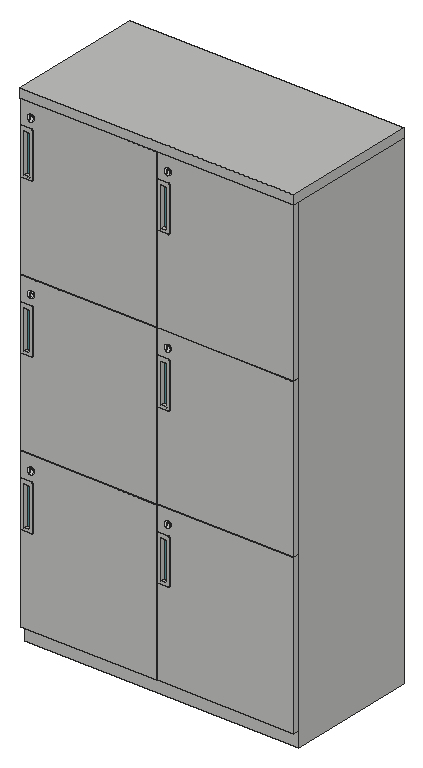
Revit family "Storage-Teknion-PLT_S_Locker_Tower_Standard-R2015", category Furniture, Revit 2015 (continued)
Dimensions and locks (in)
  equal spacing: Extrusion 125 sketch curve, Extrusion 125 sketch curve, Extrusion 125 sketch curve, locked at 0.21109 each
  equal spacing: Extrusion 125 sketch curve, Extrusion 125 sketch curve, Extrusion 125 sketch curve, locked at 0.0627 each
  locked: Extrusion 126 sketch curve to Extrusion 126 sketch curve at 0.1254
  locked: Extrusion 126 sketch curve to Extrusion 126 sketch curve at 0.8
  Extrusion 126 sketch curve to Extrusion 126 sketch curve = 0.1254"
  equal spacing: Extrusion 126 sketch curve, Extrusion 126 sketch curve, Extrusion 126 sketch curve, locked at 0.21109 each
  equal spacing: Extrusion 126 sketch curve, Extrusion 126 sketch curve, Extrusion 126 sketch curve, locked at 0.0627 each
  locked: Extrusion 127 sketch curve to Extrusion 127 sketch curve at 0.1254
  locked: Extrusion 127 sketch curve to Extrusion 127 sketch curve at 0.8
  Extrusion 127 sketch curve to Extrusion 127 sketch curve = 0.1254"
  equal spacing: Extrusion 127 sketch curve, Extrusion 127 sketch curve, Extrusion 127 sketch curve, locked at 0.21109 each
  equal spacing: Extrusion 127 sketch curve, Extrusion 127 sketch curve, Extrusion 127 sketch curve, locked at 0.0627 each
  locked: Extrusion 128 sketch curve to Extrusion 128 sketch curve at 0.1254
  locked: Extrusion 128 sketch curve to Extrusion 128 sketch curve at 0.8
  Extrusion 128 sketch curve to Extrusion 128 sketch curve = 0.1254"
  equal spacing: Extrusion 128 sketch curve, Extrusion 128 sketch curve, Extrusion 128 sketch curve, locked at 0.21109 each
  equal spacing: Extrusion 128 sketch curve, Extrusion 128 sketch curve, Extrusion 128 sketch curve, locked at 0.0627 each
  locked: Extrusion 129 sketch curve to Extrusion 129 sketch curve at 0.1254
  locked: Extrusion 129 sketch curve to Extrusion 129 sketch curve at 0.8
  Extrusion 129 sketch curve to Extrusion 129 sketch curve = 0.1254"
  equal spacing: Extrusion 129 sketch curve, Extrusion 129 sketch curve, Extrusion 129 sketch curve, locked at 0.21109 each
  equal spacing: Extrusion 129 sketch curve, Extrusion 129 sketch curve, Extrusion 129 sketch curve, locked at 0.0627 each
  "Lock Location x": Extrusion 110 sketch curve to plane 4 "Left"
  "Lock Location y": plane 9 "Underside of Top" to Extrusion 110 sketch curve
  "Lock Location x": Extrusion 111 sketch curve to plane 12
  "Lock Location y": plane 9 "Underside of Top" to Extrusion 111 sketch curve
  "Lock Location x": Extrusion 112 sketch curve to plane 3 "Center Left/Right"
  "Lock Location y": plane 9 "Underside of Top" to Extrusion 112 sketch curve
  "Lock Location x": Extrusion 113 sketch curve to plane 13
  "Lock Location y": plane 9 "Underside of Top" to Extrusion 113 sketch curve
  "Lock Location y": plane 15 "Three HIgh one" to Extrusion 118 sketch curve
  "Lock Location x": Extrusion 118 sketch curve to plane 4 "Left"
  "Lock Location y": plane 15 "Three HIgh one" to Extrusion 119 sketch curve
  "Lock Location x": Extrusion 119 sketch curve to plane 12
  "Lock Location x": Extrusion 120 sketch curve to plane 3 "Center Left/Right"
  "Lock Location y": plane 15 "Three HIgh one" to Extrusion 120 sketch curve
  "Lock Location y": plane 15 "Three HIgh one" to Extrusion 121 sketch curve
  "Lock Location x": Extrusion 121 sketch curve to plane 13
  "Lock Location y": plane 11 "Two High" to Extrusion 122 sketch curve
  "Lock Location x": Extrusion 122 sketch curve to plane 4 "Left"
  "Lock Location x": Extrusion 123 sketch curve to plane 12
  "Lock Location y": plane 11 "Two High" to Extrusion 123 sketch curve
  "Lock Location x": Extrusion 124 sketch curve to plane 3 "Center Left/Right"
  "Lock Location y": plane 11 "Two High" to Extrusion 124 sketch curve
  "Lock Location x": Extrusion 125 sketch curve to plane 13
  "Lock Location y": plane 11 "Two High" to Extrusion 125 sketch curve
  "Lock Location x": Extrusion 126 sketch curve to plane 4 "Left"
  "Lock Location y": plane 16 "Three High two" to Extrusion 126 sketch curve
  "Lock Location x": Extrusion 127 sketch curve to plane 12
  "Lock Location y": plane 16 "Three High two" to Extrusion 127 sketch curve
  "Lock Location y": plane 16 "Three High two" to Extrusion 128 sketch curve
  "Lock Location x": Extrusion 128 sketch curve to plane 3 "Center Left/Right"
  "Lock Location y": plane 16 "Three High two" to Extrusion 129 sketch curve
  "Lock Location x": Extrusion 129 sketch curve to plane 13
  "Lock Location x": Extrusion 114 sketch curve to plane 4 "Left"
  "Lock Location y 2": plane 9 "Underside of Top" to Extrusion 114 sketch curve
  "Lock Location y 2": plane 9 "Underside of Top" to Extrusion 115 sketch curve
  "Lock Location x": Extrusion 115 sketch curve to plane 12
  "Lock Location y 2": plane 9 "Underside of Top" to Extrusion 116 sketch curve
  "Lock Location x": Extrusion 116 sketch curve to plane 3 "Center Left/Right"
  "Lock Location y 2": plane 9 "Underside of Top" to Extrusion 117 sketch curve
  "Lock Location x": Extrusion 117 sketch curve to plane 13
  locked: curve 2 to plane 6 "Back" at 1.27
  locked: curve 9 to plane 5 "Right" at 0.75
  locked: plane 4 "Left" to curve 5 at 0.75
  equal spacing: curve 3, plane 12, curve 8
  equal spacing: curve 6, plane 13, curve 11
  locked: plane 6 "Back" to curve 10 at 1
  locked: plane 6 "Back" to curve 7 at 1
  locked: plane 6 "Back" to curve 4 at 1
  locked: plane 13 to curve 11 at 0.75
  locked: plane 12 to curve 8 at 0.75
  locked: plane 6 "Back" to curve 12 at 1
  equal spacing: curve 13, plane 3 "Center Left/Right", curve 15
  locked: plane 3 "Center Left/Right" to curve 15 at 0.75
  locked: plane 4 "Left" to curve 24 at 1.665
  locked: plane 3 "Center Left/Right" to curve 25 at 1.665
  locked: plane 12 to curve 26 at 1.665
  locked: plane 13 to curve 27 at 1.665
  locked: plane 4 "Left" to Masking region 6 sketch curve at 1.031
  locked: plane 4 "Left" to Masking region 6 sketch curve at 1.831
  locked: plane 12 to Masking region 7 sketch curve at 1.031
  locked: plane 12 to Masking region 7 sketch curve at 1.831
  locked: plane 3 "Center Left/Right" to Masking region 8 sketch curve at 1.031
  locked: plane 3 "Center Left/Right" to Masking region 8 sketch curve at 1.831
  locked: plane 13 to Masking region 9 sketch curve at 1.031
  locked: plane 13 to Masking region 9 sketch curve at 1.831
  locked: plane 4 "Left" to Masking region 10 sketch curve at 1.34
  locked: plane 4 "Left" to Masking region 10 sketch curve at 2.14
  locked: plane 12 to Masking region 11 sketch curve at 1.34
  locked: plane 12 to Masking region 11 sketch curve at 2.14
  locked: plane 3 "Center Left/Right" to Masking region 12 sketch curve at 1.34
  locked: plane 3 "Center Left/Right" to Masking region 12 sketch curve at 2.14
  locked: plane 13 to Masking region 13 sketch curve at 1.34
  locked: plane 13 to Masking region 13 sketch curve at 2.14
  locked: cut or joined group 1 (Extrusion 3, Extrusion 4, Extrusion 5, Extrusion 6, Extrusion 7, Extrusion 8, Extrusion 9, Extrusion 10, Extrusion 11, Extrusion 12, Extrusion 13, Extrusion 14, Extrusion 15, Extrusion 16, Extrusion 17, Extrusion 18, Extrusion 19, Extrusion 20, Extrusion 21, Extrusion 22, Extrusion 23, Extrusion 24, Extrusion 25, Extrusion 26, Extrusion 27, Extrusion 28, Extrusion 29) to plane 14 at 0.05
  locked: plane 17 to plane 7 "Front" at 0.75
  locked: plane 18 to plane 7 "Front" at 0.1
  aligned and locked: level to plane 2
  aligned and locked: Extrusion 1 sketch curve to plane 6 "Back"
  aligned and locked: plane 5 "Right" to Extrusion 1 sketch curve
  aligned and locked: plane 4 "Left" to Extrusion 1 sketch curve
  aligned and locked: plane 9 "Underside of Top" to Extrusion 1
  aligned and locked: Extrusion 2 sketch curve to plane 6 "Back"
  aligned and locked: plane 5 "Right" to Extrusion 2 sketch curve
  aligned and locked: Extrusion 2 sketch curve to plane 7 "Front"
  aligned and locked: plane 4 "Left" to Extrusion 2 sketch curve
  aligned and locked: Extrusion 3 sketch curve to plane 7 "Front"
  aligned and locked: Extrusion 4 sketch curve to plane 9 "Underside of Top"
  aligned and locked: plane 9 "Underside of Top" to Extrusion 5 sketch curve
  aligned and locked: plane 9 "Underside of Top" to Extrusion 6 sketch curve
  aligned and locked: plane 4 "Left" to Extrusion 7 sketch curve
  aligned and locked: plane 5 "Right" to Extrusion 7 sketch curve
  aligned and locked: plane 4 "Left" to Extrusion 8 sketch curve
  aligned and locked: plane 5 "Right" to Extrusion 8 sketch curve
  aligned and locked: plane 5 "Right" to Extrusion 9 sketch curve
  aligned and locked: plane 4 "Left" to Extrusion 9 sketch curve
  aligned and locked: Extrusion 1 to Extrusion 4
  aligned and locked: Extrusion 10 to cut or joined group 2 (Extrusion 30, Extrusion 31, Extrusion 32, Extrusion 52, Extrusion 53, Extrusion 55, Extrusion 56, Extrusion 57, Extrusion 59, Extrusion 60, Extrusion 61, Extrusion 62, Extrusion 76)
  aligned and locked: cut or joined group 2 to Extrusion 10
  aligned and locked: Extrusion 11 to cut or joined group of Extrusion 33, Extrusion 52, Extrusion 53, Extrusion 54
  aligned and locked: cut or joined group of Extrusion 33, Extrusion 52, Extrusion 53, Extrusion 54 to Extrusion 11
  aligned and locked: cut or joined group of Extrusion 34, Extrusion 54, Extrusion 55 to Extrusion 12  (x2)
  aligned and locked: Extrusion 13 to cut or joined group of Extrusion 35, Extrusion 56, Extrusion 57, Extrusion 58
  aligned and locked: cut or joined group of Extrusion 35, Extrusion 56, Extrusion 57, Extrusion 58 to Extrusion 13
  aligned and locked: Extrusion 14 to cut or joined group of Extrusion 36, Extrusion 58, Extrusion 59
  aligned and locked: cut or joined group of Extrusion 36, Extrusion 58, Extrusion 59 to Extrusion 14
  aligned and locked: Extrusion 22 to cut or joined group of Extrusion 37, Extrusion 60, Extrusion 61
  aligned and locked: cut or joined group of Extrusion 37, Extrusion 60, Extrusion 61 to Extrusion 22
  aligned and locked: Extrusion 21 to cut or joined group of Extrusion 38, Extrusion 62, Extrusion 63, Extrusion 76, Extrusion 77
  aligned and locked: cut or joined group of Extrusion 38, Extrusion 62, Extrusion 63, Extrusion 76, Extrusion 77 to Extrusion 21
  aligned and locked: Extrusion 19 to cut or joined group of Extrusion 39, Extrusion 63, Extrusion 64, Extrusion 77, Extrusion 78
  aligned and locked: cut or joined group of Extrusion 39, Extrusion 63, Extrusion 64, Extrusion 77, Extrusion 78 to Extrusion 19
  aligned and locked: Extrusion 18 to cut or joined group of Extrusion 40, Extrusion 64, Extrusion 65, Extrusion 78, Extrusion 79
  aligned and locked: cut or joined group of Extrusion 40, Extrusion 64, Extrusion 65, Extrusion 78, Extrusion 79 to Extrusion 18
  aligned and locked: Extrusion 20 to cut or joined group of Extrusion 41, Extrusion 65, Extrusion 66, Extrusion 79, Extrusion 80
  aligned and locked: cut or joined group of Extrusion 41, Extrusion 65, Extrusion 66, Extrusion 79, Extrusion 80 to Extrusion 20
  aligned and locked: Extrusion 16 to cut or joined group of Extrusion 42, Extrusion 66, Extrusion 67, Extrusion 80, Extrusion 81
  aligned and locked: cut or joined group of Extrusion 42, Extrusion 66, Extrusion 67, Extrusion 80, Extrusion 81 to Extrusion 16
  aligned and locked: Extrusion 24 to cut or joined group of Extrusion 43, Extrusion 67, Extrusion 68, Extrusion 81, Extrusion 82
  aligned and locked: cut or joined group of Extrusion 43, Extrusion 67, Extrusion 68, Extrusion 81, Extrusion 82 to Extrusion 24
  aligned and locked: Extrusion 15 to cut or joined group of Extrusion 44, Extrusion 68, Extrusion 69, Extrusion 82, Extrusion 83
  aligned and locked: cut or joined group of Extrusion 44, Extrusion 68, Extrusion 69, Extrusion 82, Extrusion 83 to Extrusion 15
  aligned and locked: Extrusion 17 to cut or joined group of Extrusion 45, Extrusion 69, Extrusion 70, Extrusion 83, Extrusion 84
  aligned and locked: cut or joined group of Extrusion 45, Extrusion 69, Extrusion 70, Extrusion 83, Extrusion 84 to Extrusion 17
  aligned and locked: Extrusion 23 to cut or joined group of Extrusion 46, Extrusion 70, Extrusion 71, Extrusion 84, Extrusion 85
  aligned and locked: cut or joined group of Extrusion 46, Extrusion 70, Extrusion 71, Extrusion 84, Extrusion 85 to Extrusion 23
  aligned and locked: Extrusion 25 to cut or joined group of Extrusion 47, Extrusion 71, Extrusion 72, Extrusion 85, Extrusion 86
  aligned and locked: cut or joined group of Extrusion 47, Extrusion 71, Extrusion 72, Extrusion 85, Extrusion 86 to Extrusion 25
  aligned and locked: cut or joined group 1 to cut or joined group of Extrusion 48, Extrusion 72, Extrusion 73, Extrusion 86, Extrusion 87
  aligned and locked: cut or joined group of Extrusion 48, Extrusion 72, Extrusion 73, Extrusion 86, Extrusion 87 to Extrusion 28
  aligned and locked: Extrusion 29 to cut or joined group of Extrusion 49, Extrusion 73, Extrusion 74, Extrusion 87, Extrusion 88
  aligned and locked: cut or joined group of Extrusion 49, Extrusion 73, Extrusion 74, Extrusion 87, Extrusion 88 to Extrusion 29
  aligned and locked: Extrusion 27 to cut or joined group of Extrusion 50, Extrusion 74, Extrusion 75, Extrusion 88, Extrusion 89
  aligned and locked: cut or joined group of Extrusion 50, Extrusion 74, Extrusion 75, Extrusion 88, Extrusion 89 to Extrusion 27
  aligned and locked: Extrusion 26 to cut or joined group of Extrusion 51, Extrusion 75, Extrusion 89
  aligned and locked: cut or joined group of Extrusion 51, Extrusion 75, Extrusion 89 to Extrusion 26
  aligned and locked: plane 8 "Top" to Extrusion 2
  aligned and locked: Masking region 1 sketch curve to plane 6 "Back"
  aligned and locked: plane 5 "Right" to Masking region 1 sketch curve
  aligned and locked: plane 4 "Left" to Masking region 1 sketch curve
  aligned and locked: Masking region 1 sketch curve to plane 7 "Front"
  aligned and locked: cut or joined group 1 to curve 18
  aligned and locked: curve 19 to cut or joined group 1
  aligned and locked: Masking region 2 sketch curve to Extrusion 90  (x4)
  aligned and locked: Masking region 3 sketch curve to Extrusion 91  (x4)
  aligned and locked: Masking region 4 sketch curve to Extrusion 92  (x4)
  aligned and locked: Masking region 5 sketch curve to Extrusion 93  (x4)
  aligned and locked: curve 28 to cut or joined group 2
  aligned and locked: curve 30 to cut or joined group 2
  aligned and locked: curve 32 to cut or joined group 2
  aligned and locked: curve 31 to cut or joined group 2
  aligned and locked: curve 29 to cut or joined group 2
  aligned and locked: curve 33 to cut or joined group of Extrusion 33, Extrusion 52, Extrusion 53, Extrusion 54
  aligned and locked: curve 34 to cut or joined group of Extrusion 33, Extrusion 52, Extrusion 53, Extrusion 54
  aligned and locked: curve 35 to cut or joined group of Extrusion 33, Extrusion 52, Extrusion 53, Extrusion 54
  aligned and locked: curve 36 to cut or joined group of Extrusion 33, Extrusion 52, Extrusion 53, Extrusion 54
  aligned and locked: curve 37 to cut or joined group of Extrusion 33, Extrusion 52, Extrusion 53, Extrusion 54
  aligned and locked: curve 38 to cut or joined group of Extrusion 35, Extrusion 56, Extrusion 57, Extrusion 58
  aligned and locked: curve 39 to cut or joined group of Extrusion 35, Extrusion 56, Extrusion 57, Extrusion 58
  aligned and locked: curve 41 to cut or joined group of Extrusion 35, Extrusion 56, Extrusion 57, Extrusion 58
  aligned and locked: curve 42 to cut or joined group of Extrusion 35, Extrusion 56, Extrusion 57, Extrusion 58
  aligned and locked: curve 40 to cut or joined group of Extrusion 35, Extrusion 56, Extrusion 57, Extrusion 58
  aligned and locked: curve 43 to cut or joined group of Extrusion 34, Extrusion 54, Extrusion 55
  aligned and locked: curve 44 to cut or joined group of Extrusion 34, Extrusion 54, Extrusion 55
  aligned and locked: curve 45 to cut or joined group of Extrusion 34, Extrusion 54, Extrusion 55
  aligned and locked: curve 46 to cut or joined group of Extrusion 34, Extrusion 54, Extrusion 55
  aligned and locked: curve 47 to cut or joined group of Extrusion 34, Extrusion 54, Extrusion 55
  aligned and locked: Masking region 6 sketch curve to Extrusion 110
  aligned and locked: plane 7 "Front" to Masking region 6 sketch curve
  aligned and locked: plane 7 "Front" to Masking region 7 sketch curve
  aligned and locked: Masking region 7 sketch curve to Extrusion 111
  aligned and locked: Masking region 8 sketch curve to Extrusion 112  (x2)
  aligned and locked: Masking region 9 sketch curve to Extrusion 113  (x2)
  aligned and locked: Masking region 10 sketch curve to Extrusion 110  (x2)
  aligned and locked: Masking region 11 sketch curve to Extrusion 111  (x2)
  aligned and locked: Masking region 12 sketch curve to Extrusion 112  (x2)
  aligned and locked: Masking region 13 sketch curve to Extrusion 113  (x2)
  aligned and locked: curve 48 to plane 4 "Left"
  aligned and locked: curve 49 to plane 6 "Back"
  aligned and locked: plane 5 "Right" to curve 50
  aligned and locked: plane 7 "Front" to curve 51
  aligned and locked: curve 52 to cut or joined group 1
  aligned and locked: plane 17 to Extrusion 1 sketch curve
  aligned and locked: cut or joined group of Extrusion 2, Extrusion 4 to plane 9 "Underside of Top"
  aligned and locked: Extrusion 1 to plane 2
  aligned and locked: curve 1 to plane 17
  aligned and locked: plane 18 to Extrusion 129
  aligned and locked: plane 18 to Extrusion 128
  aligned and locked: plane 18 to Extrusion 127
  aligned and locked: plane 18 to Extrusion 126
  aligned and locked: plane 18 to Extrusion 110
  aligned and locked: plane 18 to Extrusion 118
  aligned and locked: plane 18 to Extrusion 114
  aligned and locked: plane 18 to Extrusion 122
  aligned and locked: plane 18 to Extrusion 115
  aligned and locked: plane 18 to Extrusion 111
  aligned and locked: plane 18 to Extrusion 119
  aligned and locked: plane 18 to Extrusion 123
  aligned and locked: plane 18 to Extrusion 124
  aligned and locked: plane 18 to Extrusion 116
  aligned and locked: plane 18 to Extrusion 112
  aligned and locked: plane 18 to Extrusion 120
  aligned and locked: plane 18 to Extrusion 125
  aligned and locked: plane 18 to Extrusion 117
  aligned and locked: plane 18 to Extrusion 121
  aligned and locked: plane 18 to Extrusion 113
  aligned and locked: Extrusion 110 to plane 7 "Front"
  aligned and locked: Extrusion 114 to plane 7 "Front"
  aligned and locked: Masking region 10 to plane 7 "Front"
  aligned and locked: Extrusion 118 to plane 7 "Front"
  aligned and locked: Extrusion 126 to plane 7 "Front"
  aligned and locked: Extrusion 122 to plane 7 "Front"
  aligned and locked: Extrusion 119 to plane 7 "Front"
  aligned and locked: Extrusion 111 to plane 7 "Front"
  aligned and locked: Extrusion 115 to plane 7 "Front"
  aligned and locked: Extrusion 127 to plane 7 "Front"
  aligned and locked: Extrusion 123 to plane 7 "Front"
  aligned and locked: Extrusion 120 to plane 7 "Front"
  aligned and locked: Extrusion 116 to plane 7 "Front"
  aligned and locked: Extrusion 124 to plane 7 "Front"
  aligned and locked: Extrusion 112 to plane 7 "Front"
  aligned and locked: Extrusion 128 to plane 7 "Front"
  aligned and locked: Extrusion 121 to plane 7 "Front"
  aligned and locked: Extrusion 129 to plane 7 "Front"
  aligned and locked: Extrusion 117 to plane 7 "Front"
  aligned and locked: Extrusion 113 to plane 7 "Front"
  aligned and locked: Extrusion 125 to plane 7 "Front"
  aligned and locked: Extrusion 7 to plane 10 "Door Cut Plane"
  aligned and locked: Extrusion 9 to plane 10 "Door Cut Plane"
  aligned and locked: Extrusion 8 to plane 10 "Door Cut Plane"
  aligned and locked: Extrusion 4 to plane 10 "Door Cut Plane"
  aligned and locked: Extrusion 5 to plane 10 "Door Cut Plane"
  aligned and locked: Extrusion 6 to plane 10 "Door Cut Plane"
Automatic sketch dimensions
  plane 4 "Left" to Extrusion 10 sketch curve = 1.665"
  Extrusion 10 sketch curve to plane 9 "Underside of Top" = 9.279"
  plane 12 to Extrusion 11 sketch curve = 1.665"
  Extrusion 11 sketch curve to plane 9 "Underside of Top" = 9.279"
  plane 13 to Extrusion 12 sketch curve = 1.665"
  Extrusion 12 sketch curve to plane 9 "Underside of Top" = 9.279"
  plane 3 "Center Left/Right" to Extrusion 13 sketch curve = 1.665"
  Extrusion 13 sketch curve to plane 9 "Underside of Top" = 9.279"
  plane 4 "Left" to Extrusion 14 sketch curve = 1.665"
  plane 11 "Two High" to Extrusion 14 sketch curve = 1.121"
  plane 12 to Extrusion 15 sketch curve = 1.665"
  plane 11 "Two High" to Extrusion 15 sketch curve = 1.121"
  plane 3 "Center Left/Right" to Extrusion 16 sketch curve = 1.665"
  plane 11 "Two High" to Extrusion 16 sketch curve = 1.121"
  plane 13 to Extrusion 17 sketch curve = 1.665"
  plane 11 "Two High" to Extrusion 17 sketch curve = 1.121"
  plane 13 to Extrusion 18 sketch curve = 1.665"
  plane 16 "Three High two" to Extrusion 18 sketch curve = 1.121"
  plane 3 "Center Left/Right" to Extrusion 19 sketch curve = 1.665"
  plane 16 "Three High two" to Extrusion 19 sketch curve = 1.121"
  plane 12 to Extrusion 20 sketch curve = 1.665"
  plane 16 "Three High two" to Extrusion 20 sketch curve = 1.121"
  plane 4 "Left" to Extrusion 21 sketch curve = 1.665"
  plane 16 "Three High two" to Extrusion 21 sketch curve = 1.121"
  plane 4 "Left" to Extrusion 22 sketch curve = 1.665"
  Extrusion 22 sketch curve to plane 16 "Three High two" = 9.279"
  plane 12 to Extrusion 23 sketch curve = 1.665"
  Extrusion 23 sketch curve to plane 16 "Three High two" = 9.279"
  plane 3 "Center Left/Right" to Extrusion 24 sketch curve = 1.665"
  Extrusion 24 sketch curve to plane 16 "Three High two" = 9.279"
  plane 13 to Extrusion 25 sketch curve = 1.665"
  Extrusion 25 sketch curve to plane 16 "Three High two" = 9.279"
  Extrusion 26 sketch curve to plane 15 "Three HIgh one" = 0.260"
  plane 4 "Left" to Extrusion 26 sketch curve = 1.665"
  Extrusion 27 sketch curve to plane 15 "Three HIgh one" = 0.260"
  plane 12 to Extrusion 27 sketch curve = 1.665"
  Extrusion 28 sketch curve to plane 15 "Three HIgh one" = 0.260"
  plane 3 "Center Left/Right" to Extrusion 28 sketch curve = 1.665"
  Extrusion 29 sketch curve to plane 15 "Three HIgh one" = 0.260"
  plane 13 to Extrusion 29 sketch curve = 1.665"
  Extrusion 90 sketch curve to Extrusion 90 sketch curve = 0.43301"
  plane 4 "Left" to Extrusion 90 sketch curve = 0.800"
  Extrusion 90 sketch curve to Extrusion 90 sketch curve = 0.3122"
  plane 7 "Front" to Extrusion 90 sketch curve = 0.67853"
  Extrusion 90 sketch curve to Extrusion 90 sketch curve = 0.32476"
  plane 7 "Front" to Extrusion 90 sketch curve = 0.22961"
  Extrusion 91 sketch curve to Extrusion 91 sketch curve = 0.43301"
  plane 12 to Extrusion 91 sketch curve = 0.800"
  Extrusion 91 sketch curve to Extrusion 91 sketch curve = 0.3122"
  plane 7 "Front" to Extrusion 91 sketch curve = 0.67853"
  Extrusion 91 sketch curve to Extrusion 91 sketch curve = 0.32476"
  plane 7 "Front" to Extrusion 91 sketch curve = 0.22961"
  Extrusion 92 sketch curve to Extrusion 92 sketch curve = 0.43301"
  plane 3 "Center Left/Right" to Extrusion 92 sketch curve = 0.800"
  Extrusion 92 sketch curve to Extrusion 92 sketch curve = 0.3122"
  plane 7 "Front" to Extrusion 92 sketch curve = 0.67853"
  Extrusion 92 sketch curve to Extrusion 92 sketch curve = 0.32476"
  plane 7 "Front" to Extrusion 92 sketch curve = 0.22961"
  Extrusion 93 sketch curve to Extrusion 93 sketch curve = 0.43301"
  plane 13 to Extrusion 93 sketch curve = 0.800"
  Extrusion 93 sketch curve to Extrusion 93 sketch curve = 0.3122"
  plane 7 "Front" to Extrusion 93 sketch curve = 0.67853"
  Extrusion 93 sketch curve to Extrusion 93 sketch curve = 0.32476"
  plane 7 "Front" to Extrusion 93 sketch curve = 0.22961"
  plane 7 "Front" to Extrusion 94 sketch curve = 0.000"
  plane 7 "Front" to Extrusion 94 sketch curve = 0.22961"
  plane 12 to Extrusion 94 sketch curve = 2.02029"
  Extrusion 94 sketch curve to Extrusion 94 sketch curve = 0.89553"
  Extrusion 94 sketch curve to Extrusion 94 sketch curve = 0.07955"
  Extrusion 94 sketch curve to Extrusion 94 sketch curve = 0.32476"
  Extrusion 94 sketch curve to Extrusion 94 sketch curve = 0.3122"
  plane 12 to Extrusion 94 sketch curve = 0.300"
  plane 7 "Front" to Extrusion 95 sketch curve = 0.000"
  plane 7 "Front" to Extrusion 95 sketch curve = 0.22961"
  plane 3 "Center Left/Right" to Extrusion 95 sketch curve = 2.02029"
  Extrusion 95 sketch curve to Extrusion 95 sketch curve = 0.89553"
  Extrusion 95 sketch curve to Extrusion 95 sketch curve = 0.07955"
  Extrusion 95 sketch curve to Extrusion 95 sketch curve = 0.32476"
  Extrusion 95 sketch curve to Extrusion 95 sketch curve = 0.3122"
  plane 3 "Center Left/Right" to Extrusion 95 sketch curve = 0.300"
  plane 7 "Front" to Extrusion 96 sketch curve = 0.000"
  plane 7 "Front" to Extrusion 96 sketch curve = 0.22961"
  plane 13 to Extrusion 96 sketch curve = 2.355"
  Extrusion 96 sketch curve to Extrusion 96 sketch curve = 0.89553"
  Extrusion 96 sketch curve to Extrusion 96 sketch curve = 0.07955"
  Extrusion 96 sketch curve to Extrusion 96 sketch curve = 0.32476"
  Extrusion 96 sketch curve to Extrusion 96 sketch curve = 0.3122"
  plane 13 to Extrusion 96 sketch curve = 0.63471"
  plane 7 "Front" to Extrusion 97 sketch curve = 0.000"
  plane 7 "Front" to Extrusion 97 sketch curve = 0.22961"
  plane 4 "Left" to Extrusion 97 sketch curve = 2.02029"
  Extrusion 97 sketch curve to Extrusion 97 sketch curve = 0.89553"
  Extrusion 97 sketch curve to Extrusion 97 sketch curve = 0.07955"
  Extrusion 97 sketch curve to Extrusion 97 sketch curve = 0.32476"
  Extrusion 97 sketch curve to Extrusion 97 sketch curve = 0.3122"
  plane 4 "Left" to Extrusion 97 sketch curve = 0.300"
  plane 7 "Front" to Extrusion 98 sketch curve = 0.000"
  plane 7 "Front" to Extrusion 98 sketch curve = 0.22961"
  plane 12 to Extrusion 98 sketch curve = 2.02029"
  Extrusion 98 sketch curve to Extrusion 98 sketch curve = 0.89553"
  Extrusion 98 sketch curve to Extrusion 98 sketch curve = 0.07955"
  Extrusion 98 sketch curve to Extrusion 98 sketch curve = 0.32476"
  Extrusion 98 sketch curve to Extrusion 98 sketch curve = 0.3122"
  plane 12 to Extrusion 98 sketch curve = 0.300"
  plane 7 "Front" to Extrusion 99 sketch curve = 0.000"
  plane 7 "Front" to Extrusion 99 sketch curve = 0.22961"
  plane 3 "Center Left/Right" to Extrusion 99 sketch curve = 2.02029"
  Extrusion 99 sketch curve to Extrusion 99 sketch curve = 0.89553"
  Extrusion 99 sketch curve to Extrusion 99 sketch curve = 0.07955"
  Extrusion 99 sketch curve to Extrusion 99 sketch curve = 0.32476"
  Extrusion 99 sketch curve to Extrusion 99 sketch curve = 0.3122"
  plane 3 "Center Left/Right" to Extrusion 99 sketch curve = 0.300"
  plane 7 "Front" to Extrusion 100 sketch curve = 0.000"
  plane 7 "Front" to Extrusion 100 sketch curve = 0.22961"
  plane 13 to Extrusion 100 sketch curve = 2.02029"
  Extrusion 100 sketch curve to Extrusion 100 sketch curve = 0.89553"
  Extrusion 100 sketch curve to Extrusion 100 sketch curve = 0.07955"
  Extrusion 100 sketch curve to Extrusion 100 sketch curve = 0.32476"
  Extrusion 100 sketch curve to Extrusion 100 sketch curve = 0.3122"
  plane 13 to Extrusion 100 sketch curve = 0.300"
  plane 7 "Front" to Extrusion 101 sketch curve = 0.000"
  plane 7 "Front" to Extrusion 101 sketch curve = 0.22961"
  plane 4 "Left" to Extrusion 101 sketch curve = 2.02029"
  Extrusion 101 sketch curve to Extrusion 101 sketch curve = 0.89553"
  Extrusion 101 sketch curve to Extrusion 101 sketch curve = 0.07955"
  Extrusion 101 sketch curve to Extrusion 101 sketch curve = 0.32476"
  Extrusion 101 sketch curve to Extrusion 101 sketch curve = 0.3122"
  plane 4 "Left" to Extrusion 101 sketch curve = 0.300"
  plane 7 "Front" to Extrusion 102 sketch curve = 0.000"
  plane 7 "Front" to Extrusion 102 sketch curve = 0.22961"
  plane 12 to Extrusion 102 sketch curve = 2.02029"
  Extrusion 102 sketch curve to Extrusion 102 sketch curve = 0.89553"
  Extrusion 102 sketch curve to Extrusion 102 sketch curve = 0.07955"
  Extrusion 102 sketch curve to Extrusion 102 sketch curve = 0.32476"
  Extrusion 102 sketch curve to Extrusion 102 sketch curve = 0.3122"
  plane 12 to Extrusion 102 sketch curve = 0.300"
  plane 7 "Front" to Extrusion 103 sketch curve = 0.000"
  plane 7 "Front" to Extrusion 103 sketch curve = 0.22961"
  plane 3 "Center Left/Right" to Extrusion 103 sketch curve = 2.02029"
  Extrusion 103 sketch curve to Extrusion 103 sketch curve = 0.89553"
  Extrusion 103 sketch curve to Extrusion 103 sketch curve = 0.07955"
  Extrusion 103 sketch curve to Extrusion 103 sketch curve = 0.32476"
  Extrusion 103 sketch curve to Extrusion 103 sketch curve = 0.3122"
  plane 3 "Center Left/Right" to Extrusion 103 sketch curve = 0.300"
  plane 7 "Front" to Extrusion 104 sketch curve = 0.000"
  plane 7 "Front" to Extrusion 104 sketch curve = 0.22961"
  plane 13 to Extrusion 104 sketch curve = 2.02029"
  Extrusion 104 sketch curve to Extrusion 104 sketch curve = 0.89553"
  Extrusion 104 sketch curve to Extrusion 104 sketch curve = 0.07955"
  Extrusion 104 sketch curve to Extrusion 104 sketch curve = 0.32476"
  Extrusion 104 sketch curve to Extrusion 104 sketch curve = 0.3122"
  plane 13 to Extrusion 104 sketch curve = 0.300"
  plane 7 "Front" to Extrusion 105 sketch curve = 0.000"
  plane 7 "Front" to Extrusion 105 sketch curve = 0.22961"
  plane 4 "Left" to Extrusion 105 sketch curve = 2.02029"
  Extrusion 105 sketch curve to Extrusion 105 sketch curve = 0.89553"
  Extrusion 105 sketch curve to Extrusion 105 sketch curve = 0.07955"
  Extrusion 105 sketch curve to Extrusion 105 sketch curve = 0.32476"
  Extrusion 105 sketch curve to Extrusion 105 sketch curve = 0.3122"
  plane 4 "Left" to Extrusion 105 sketch curve = 0.300"
  plane 7 "Front" to Extrusion 106 sketch curve = 0.000"
  plane 7 "Front" to Extrusion 106 sketch curve = 0.22961"
  plane 4 "Left" to Extrusion 106 sketch curve = 2.02029"
  Extrusion 106 sketch curve to Extrusion 106 sketch curve = 0.89553"
  Extrusion 106 sketch curve to Extrusion 106 sketch curve = 0.07955"
  Extrusion 106 sketch curve to Extrusion 106 sketch curve = 0.32476"
  Extrusion 106 sketch curve to Extrusion 106 sketch curve = 0.3122"
  plane 4 "Left" to Extrusion 106 sketch curve = 0.300"
  plane 7 "Front" to Extrusion 107 sketch curve = 0.000"
  plane 7 "Front" to Extrusion 107 sketch curve = 0.22961"
  plane 12 to Extrusion 107 sketch curve = 2.02029"
  Extrusion 107 sketch curve to Extrusion 107 sketch curve = 0.89553"
  Extrusion 107 sketch curve to Extrusion 107 sketch curve = 0.07955"
  Extrusion 107 sketch curve to Extrusion 107 sketch curve = 0.32476"
  Extrusion 107 sketch curve to Extrusion 107 sketch curve = 0.3122"
  plane 12 to Extrusion 107 sketch curve = 0.300"
  plane 7 "Front" to Extrusion 108 sketch curve = 0.000"
  plane 7 "Front" to Extrusion 108 sketch curve = 0.22961"
  plane 3 "Center Left/Right" to Extrusion 108 sketch curve = 2.02029"
  Extrusion 108 sketch curve to Extrusion 108 sketch curve = 0.89553"
  Extrusion 108 sketch curve to Extrusion 108 sketch curve = 0.07955"
  Extrusion 108 sketch curve to Extrusion 108 sketch curve = 0.32476"
  Extrusion 108 sketch curve to Extrusion 108 sketch curve = 0.3122"
  plane 3 "Center Left/Right" to Extrusion 108 sketch curve = 0.300"
  plane 7 "Front" to Extrusion 109 sketch curve = 0.000"
  plane 7 "Front" to Extrusion 109 sketch curve = 0.22961"
  plane 13 to Extrusion 109 sketch curve = 2.02029"
  Extrusion 109 sketch curve to Extrusion 109 sketch curve = 0.89553"
  Extrusion 109 sketch curve to Extrusion 109 sketch curve = 0.07955"
  Extrusion 109 sketch curve to Extrusion 109 sketch curve = 0.32476"
  Extrusion 109 sketch curve to Extrusion 109 sketch curve = 0.3122"
  plane 13 to Extrusion 109 sketch curve = 0.300"
  Extrusion 110 sketch curve to Extrusion 110 sketch curve = 0.21109"
  Extrusion 111 sketch curve to Extrusion 111 sketch curve = 0.21109"
  Extrusion 112 sketch curve to Extrusion 112 sketch curve = 0.21109"
  Extrusion 113 sketch curve to Extrusion 113 sketch curve = 0.21109"
  Extrusion 114 sketch curve to Extrusion 114 sketch curve = 0.21109"
  Extrusion 115 sketch curve to Extrusion 115 sketch curve = 0.21109"
  Extrusion 116 sketch curve to Extrusion 116 sketch curve = 0.21109"
  Extrusion 117 sketch curve to Extrusion 117 sketch curve = 0.21109"
  Extrusion 118 sketch curve to Extrusion 118 sketch curve = 0.21109"
  Extrusion 119 sketch curve to Extrusion 119 sketch curve = 0.21109"
  Extrusion 120 sketch curve to Extrusion 120 sketch curve = 0.21109"
  Extrusion 121 sketch curve to Extrusion 121 sketch curve = 0.21109"
  Extrusion 122 sketch curve to Extrusion 122 sketch curve = 0.21109"
  Extrusion 123 sketch curve to Extrusion 123 sketch curve = 0.21109"
  Extrusion 124 sketch curve to Extrusion 124 sketch curve = 0.21109"
  Extrusion 125 sketch curve to Extrusion 125 sketch curve = 0.21109"
  Extrusion 126 sketch curve to Extrusion 126 sketch curve = 0.21109"
  Extrusion 127 sketch curve to Extrusion 127 sketch curve = 0.21109"
  Extrusion 128 sketch curve to Extrusion 128 sketch curve = 0.21109"
  Extrusion 129 sketch curve to Extrusion 129 sketch curve = 0.21109"
  plane 14 to Extrusion 5 sketch curve = 0.050"
  plane 14 to Extrusion 6 sketch curve = 0.050"
  curve 2 to plane 4 "Left" = 0.000"
  plane 7 "Front" to curve 16 = 0.000"
  plane 7 "Front" to curve 21 = 0.000"
  plane 7 "Front" to curve 20 = 0.000"
  plane 7 "Front" to curve 23 = 0.000"
  plane 7 "Front" to curve 22 = 0.000"
  plane 7 "Front" to curve 17 = 0.000"
  curve 2 to plane 5 "Right" = 0.000"
  plane 7 "Front" to curve 24 = 0.000"
  plane 7 "Front" to curve 47 = 0.000"
  plane 7 "Front" to curve 27 = 0.000"
  plane 7 "Front" to curve 25 = 0.000"
  plane 7 "Front" to curve 28 = 0.000"
  plane 7 "Front" to curve 43 = 0.000"
  plane 7 "Front" to curve 19 = 0.000"
  plane 7 "Front" to curve 42 = 0.000"
  plane 7 "Front" to curve 31 = 0.000"
  plane 7 "Front" to curve 18 = 0.000"
  plane 7 "Front" to curve 33 = 0.000"
  plane 7 "Front" to curve 26 = 0.000"
  plane 7 "Front" to curve 38 = 0.000"
  plane 7 "Front" to curve 37 = 0.000"
  plane 4 "Left" to curve 1 = 0.050"
  plane 5 "Right" to curve 17 = 0.050"
  curve 21 to plane 12 = 0.050"
  plane 12 to curve 20 = 0.050"
  curve 23 to plane 13 = 0.050"
  plane 13 to curve 22 = 0.050"
  plane 5 "Right" to curve 52 = 0.000"
  curve 52 to plane 4 "Left" = 0.000"
  curve 52 to plane 14 = 0.050"
Types (7): name | Two High | Three High | single high interpret handle hight | single high district handle height 1 | single high district handle height 2 | One High | Triple Locker | Triple Locker Vertical Depth | three high height | three high Horizontal Depth | Product Documentation Link | Part Number | Model | Lock Visibility 9 | Lock Visibility 8 | Lock Visibility 7 | Lock Visibility 6 | Lock Visibility 5 | Lock Visibility 4 | Lock Visibility 3 | Lock Visibility 2 | Lock Visibility 12 | Lock Visibility 11 | Lock Visibility 10 | Lock Visibility 1 | Lock Location y 2 | Lock Location y | Lock Location x | Interpret Handle Visibility 9 | Interpret Handle Visibility 8 | Interpret Handle Visibility 7 | Interpret Handle Visibility 6 | Interpret Handle Visibility 5 | Interpret Handle Visibility 4 | Interpret Handle Visibility 3 | Interpret Handle Visibility 2 | Interpret Handle Visibility 12 | Interpret Handle Visibility 11 | Interpret Handle Visibility 1 | Interpret Handle 12 | Interpret Handle 11 | Interpret Handle Style | Interpret Handle 9 | Interpret Handle 8 | Interpret Handle 7 | Interpret Handle 6 | Interpret Handle 5 | Height | Dual Locker | Dual Locker Vertical Depth | two high Horizontal Depth | District Handle Visibility 12 | District Handle Visibility 10 | District Handle Style | Interpret Handle 4 | Interpret Handle 3 | Interpret Handle 2 | Interpret Handle 1 | Description | Available Widths | Available Height | Actual Height | 2d Handle Visibility 6 | 2d Handle Visibility 5 | 2d Handle Visibility 4 | 2d Handle Visibility 2 | 2d Handle Visibility 1
  (no name) | no | yes | 20.860" | -24.480" | -22.230" | no | no | 1.000" | 20.800" | 6.000" | "http://www.teknion.com/pricing/filing-storage/pdfs/PLTDS_ppg.pdf" | "PLTDS" | "PLTDS_3_" | no | yes | no | no | no | yes | yes | no | no | no | no | yes | 19.524" | 1.880" | 1.431" | no | yes | no | no | no | yes | yes | no | no | no | yes | 1.000" | 1.000" | yes | 1.000" | 10.000" | 1.000" | 1.000" | 1.000" | 66.000" | yes | 6.000" | 1.000" | no | no | no | 10.000" | 10.000" | 1.000" | 10.000" | "Dual Locker Tower - Standard, Freestanding, Three-High" | "24, 30, 36 inches." | "48, 66 inches." | 65.600" | no | yes | yes | no | no
  Dual Locker Tower - Standard - One High | no | no | 20.860" | -24.480" | -22.230" | yes | no | 1.000" | 20.800" | 1.000" | "http://www.teknion.com/pricing/filing-storage/pdfs/PLTDS_ppg.pdf" | "PLTDS" | "PLTDS_1_" | no | no | no | no | no | no | no | no | yes | no | yes | no | 23.480" | 4.280" | 1.740" | no | no | no | no | no | no | no | no | no | no | no | 1.000" | 1.000" | no | 1.000" | 1.000" | 1.000" | 1.000" | 1.000" | 66.000" | yes | 6.000" | 1.000" | yes | yes | yes | 1.000" | 1.000" | 1.000" | 1.000" | "Dual Locker Tower - Standard, Freestanding, One-High" | "24, 30, 36 inches." | "35, 40, 48, 66 inches." | 65.600" | no | no | no | yes | yes
  Dual Locker Tower - Standard - Two High | yes | no | 3.216" | -5.280" | -3.030" | no | no | 1.000" | 15.200" | 1.000" | "http://www.teknion.com/pricing/filing-storage/pdfs/PLTDS_ppg.pdf" | "PLTDS" | "PLTDS_2_" | no | no | no | yes | yes | no | yes | no | no | no | no | yes | 1.880" | 1.880" | 1.431" | no | no | no | yes | yes | no | yes | no | no | no | yes | 1.000" | 1.000" | yes | 1.000" | 1.000" | 1.000" | 10.000" | 10.000" | 48.000" | yes | 6.000" | 6.000" | no | no | no | 1.000" | 10.000" | 1.000" | 10.000" | "Dual Locker Tower - Standard, Freestanding, Two-High" | "24, 30, 36 inches." | "35, 40, 48, 66 inches." | 48.000" | no | yes | yes | no | no
  Dual Locker Tower - Standard - Three High | no | yes | 20.860" | -24.480" | -22.230" | no | no | 1.000" | 20.800" | 6.000" | "http://www.teknion.com/pricing/filing-storage/pdfs/PLTDS_ppg.pdf" | "PLTDS" | "PLTDS_3_" | no | yes | no | no | no | yes | yes | no | no | no | no | yes | 19.524" | 1.880" | 1.431" | no | yes | no | no | no | yes | yes | no | no | no | yes | 1.000" | 1.000" | yes | 1.000" | 10.000" | 1.000" | 1.000" | 1.000" | 66.000" | yes | 6.000" | 1.000" | no | no | no | 10.000" | 10.000" | 1.000" | 10.000" | "Dual Locker Tower - Standard, Freestanding, Three-High" | "24, 30, 36 inches." | "48, 66 inches." | 65.600" | no | yes | yes | no | no
  Triple Locker Tower - Standard - One High | no | no | 20.860" | -24.480" | -22.230" | yes | yes | 6.000" | 20.800" | 1.000" | "http://www.teknion.com/pricing/filing-storage/pdfs/PLTTS_ppg.pdf" | "PLTTS" | "PLTTS_1_" | no | no | no | no | no | no | no | no | yes | yes | no | no | 19.524" | 1.880" | 1.431" | no | no | no | no | no | no | no | no | yes | yes | no | 10.000" | 10.000" | yes | 1.000" | 1.000" | 1.000" | 1.000" | 1.000" | 66.000" | no | 1.000" | 1.000" | no | no | no | 1.000" | 1.000" | 1.000" | 1.000" | "Triple Locker Tower - Standard, Freestanding, One-High" | "36, 42 inches." | "35, 40, 48, 66 inches." | 65.600" | yes | no | yes | no | no
  Triple Locker Tower - Standard - Two High | yes | no | 20.860" | -24.480" | -22.230" | no | yes | 6.000" | 20.800" | 1.000" | "http://www.teknion.com/pricing/filing-storage/pdfs/PLTTS_ppg.pdf" | "PLTTS" | "PLTTS_2_" | no | no | yes | no | yes | no | no | yes | no | no | no | yes | 19.524" | 1.880" | 1.431" | no | no | yes | no | yes | no | no | yes | no | no | yes | 1.000" | 1.000" | yes | 1.000" | 1.000" | 10.000" | 1.000" | 10.000" | 66.000" | no | 1.000" | 6.000" | no | no | no | 1.000" | 1.000" | 10.000" | 10.000" | "Triple Locker Tower - Standard, Freestanding, Two-High" | "36, 42 inches." | "35, 40, 48, 66 inches." | 65.600" | yes | no | yes | no | no
  Triple Locker Tower - Standard - Three High | no | yes | 20.860" | -24.480" | -22.230" | no | yes | 6.000" | 20.800" | 6.000" | "http://www.teknion.com/pricing/filing-storage/pdfs/PLTTS_ppg.pdf" | "PLTTS" | "PLTTS_3_" | yes | no | no | no | no | yes | no | yes | no | no | no | yes | 19.524" | 1.880" | 1.431" | yes | no | no | no | no | yes | no | yes | no | no | yes | 1.000" | 1.000" | yes | 10.000" | 1.000" | 1.000" | 1.000" | 1.000" | 66.000" | no | 1.000" | 1.000" | no | no | no | 10.000" | 1.000" | 10.000" | 10.000" | "Triple Locker Tower - Standard, Freestanding, Three-High" | "36, 42 inches." | "48, 66 inches." | 65.600" | yes | no | yes | no | no
